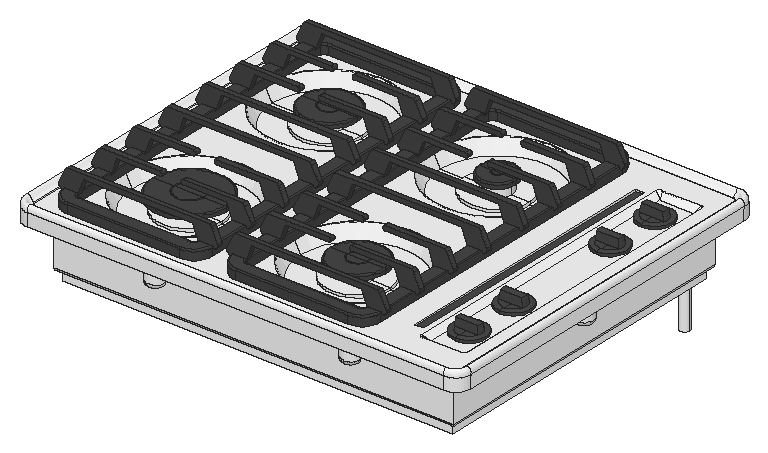
Revit family "QF_Summit_WTL033S_Cooktop", category Specialty Equipment, Revit 2020 (continued)
Automatic sketch dimensions
  curve 75 to curve 94 = 0"  (x2)
  curve 75 to curve 117 = 0"  (x2)
  curve 75 to curve 118 = 0"  (x2)
  curve 75 to curve 119 = 0"  (x2)
  curve 75 to curve 120 = 0"  (x2)
  curve 75 to curve 121 = 0"  (x2)
  curve 75 to curve 122 = 0"  (x2)
  curve 75 to curve 123 = 0"  (x2)
  curve 75 to curve 124 = 0"  (x2)
  curve 75 to curve 125 = 0"  (x2)
  curve 75 to curve 126 = 0"  (x2)
  curve 75 to curve 127 = 0"  (x2)
  curve 75 to curve 128 = 0"  (x2)
  curve 75 to curve 129 = 0"  (x2)
  curve 75 to curve 130 = 0"  (x2)
  curve 75 to curve 131 = 0"  (x2)
  curve 75 to curve 132 = 0"  (x2)
  curve 75 to curve 133 = 0"  (x2)
  curve 75 to curve 134 = 0"  (x2)
  curve 76 to curve 91 = 0"  (x2)
  curve 76 to curve 92 = 0"  (x2)
  curve 76 to curve 93 = 0"  (x2)
  curve 76 to curve 94 = 0"  (x2)
  curve 76 to curve 117 = 0"  (x2)
  curve 76 to curve 118 = 0"  (x2)
  curve 76 to curve 119 = 0"  (x2)
  curve 76 to curve 120 = 0"  (x2)
  curve 76 to curve 121 = 0"  (x2)
  curve 76 to curve 122 = 0"  (x2)
  curve 76 to curve 123 = 0"  (x2)
  curve 76 to curve 124 = 0"  (x2)
  curve 76 to curve 125 = 0"  (x2)
  curve 76 to curve 126 = 0"  (x2)
  curve 76 to curve 127 = 0"  (x2)
  curve 76 to curve 128 = 0"  (x2)
  curve 76 to curve 129 = 0"  (x2)
  curve 76 to curve 130 = 0"  (x2)
  curve 76 to curve 131 = 0"  (x2)
  curve 76 to curve 132 = 0"  (x2)
  curve 76 to curve 133 = 0"  (x2)
  curve 76 to curve 134 = 0"  (x2)
  curve 77 to curve 78 = 0"  (x2)
  curve 77 to curve 79 = 0"  (x2)
  curve 77 to curve 80 = 0"  (x2)
  curve 77 to curve 81 = 0"  (x2)
  curve 77 to curve 82 = 0"  (x2)
  curve 77 to curve 95 = 0"  (x2)
  curve 77 to curve 96 = 0"  (x2)
  curve 77 to curve 97 = 0"  (x2)
  curve 77 to curve 98 = 0"  (x2)
  curve 77 to curve 114 = 0"  (x2)
  curve 77 to curve 115 = 0"  (x2)
  curve 77 to curve 116 = 0"  (x2)
  curve 77 to curve 135 = 0"  (x2)
  curve 77 to curve 136 = 0"  (x2)
  curve 77 to curve 137 = 0"  (x2)
  curve 77 to curve 138 = 0"  (x2)
  curve 77 to curve 139 = 0"  (x2)
  curve 77 to curve 140 = 0"  (x2)
  curve 77 to curve 141 = 0"  (x2)
  curve 77 to curve 142 = 0"  (x2)
  curve 77 to curve 143 = 0"  (x2)
  curve 78 to curve 79 = 0"  (x2)
  curve 78 to curve 80 = 0"  (x2)
  curve 78 to curve 81 = 0"  (x2)
  curve 78 to curve 82 = 0"  (x2)
  curve 78 to curve 95 = 0"  (x2)
  curve 78 to curve 96 = 0"  (x2)
  curve 78 to curve 97 = 0"  (x2)
  curve 78 to curve 98 = 0"  (x2)
  curve 78 to curve 114 = 0"  (x2)
  curve 78 to curve 115 = 0"  (x2)
  curve 78 to curve 116 = 0"  (x2)
  curve 78 to curve 135 = 0"  (x2)
  curve 78 to curve 136 = 0"  (x2)
  curve 78 to curve 137 = 0"  (x2)
  curve 78 to curve 138 = 0"  (x2)
  curve 78 to curve 139 = 0"  (x2)
  curve 78 to curve 140 = 0"  (x2)
  curve 78 to curve 141 = 0"  (x2)
  curve 78 to curve 142 = 0"  (x2)
  curve 78 to curve 143 = 0"  (x2)
  curve 79 to curve 80 = 0"  (x2)
  curve 79 to curve 81 = 0"  (x2)
  curve 79 to curve 82 = 0"  (x2)
  curve 79 to curve 95 = 0"  (x2)
  curve 79 to curve 96 = 0"  (x2)
  curve 79 to curve 97 = 0"  (x2)
  curve 79 to curve 98 = 0"  (x2)
  curve 79 to curve 114 = 0"  (x2)
  curve 79 to curve 115 = 0"  (x2)
  curve 79 to curve 116 = 0"  (x2)
  curve 79 to curve 135 = 0"  (x2)
  curve 79 to curve 136 = 0"  (x2)
  curve 79 to curve 137 = 0"  (x2)
  curve 79 to curve 138 = 0"  (x2)
  curve 79 to curve 139 = 0"  (x2)
  curve 79 to curve 140 = 0"  (x2)
  curve 79 to curve 141 = 0"  (x2)
  curve 79 to curve 142 = 0"  (x2)
  curve 79 to curve 143 = 0"  (x2)
  curve 80 to curve 81 = 0"  (x2)
  curve 80 to curve 82 = 0"  (x2)
  curve 80 to curve 95 = 0"  (x2)
  curve 80 to curve 96 = 0"  (x2)
  curve 80 to curve 97 = 0"  (x2)
  curve 80 to curve 98 = 0"  (x2)
  curve 80 to curve 114 = 0"  (x2)
  curve 80 to curve 115 = 0"  (x2)
  curve 80 to curve 116 = 0"  (x2)
  curve 80 to curve 135 = 0"  (x2)
  curve 80 to curve 136 = 0"  (x2)
  curve 80 to curve 137 = 0"  (x2)
  curve 80 to curve 138 = 0"  (x2)
  curve 80 to curve 139 = 0"  (x2)
  curve 80 to curve 140 = 0"  (x2)
  curve 80 to curve 141 = 0"  (x2)
  curve 80 to curve 142 = 0"  (x2)
  curve 80 to curve 143 = 0"  (x2)
  curve 81 to curve 82 = 0"  (x2)
  curve 81 to curve 95 = 0"  (x2)
  curve 81 to curve 96 = 0"  (x2)
  curve 81 to curve 97 = 0"  (x2)
  curve 81 to curve 98 = 0"  (x2)
  curve 81 to curve 114 = 0"  (x2)
  curve 81 to curve 115 = 0"  (x2)
  curve 81 to curve 116 = 0"  (x2)
  curve 81 to curve 135 = 0"  (x2)
  curve 81 to curve 136 = 0"  (x2)
  curve 81 to curve 137 = 0"  (x2)
  curve 81 to curve 138 = 0"  (x2)
  curve 81 to curve 139 = 0"  (x2)
  curve 81 to curve 140 = 0"  (x2)
  curve 81 to curve 141 = 0"  (x2)
  curve 81 to curve 142 = 0"  (x2)
  curve 81 to curve 143 = 0"  (x2)
  curve 82 to curve 95 = 0"  (x2)
  curve 82 to curve 96 = 0"  (x2)
  curve 82 to curve 97 = 0"  (x2)
  curve 82 to curve 98 = 0"  (x2)
  curve 82 to curve 114 = 0"  (x2)
  curve 82 to curve 115 = 0"  (x2)
  curve 82 to curve 116 = 0"  (x2)
  curve 82 to curve 135 = 0"  (x2)
  curve 82 to curve 136 = 0"  (x2)
  curve 82 to curve 137 = 0"  (x2)
  curve 82 to curve 138 = 0"  (x2)
  curve 82 to curve 139 = 0"  (x2)
  curve 82 to curve 140 = 0"  (x2)
  curve 82 to curve 141 = 0"  (x2)
  curve 82 to curve 142 = 0"  (x2)
  curve 82 to curve 143 = 0"  (x2)
  curve 83 to curve 84 = 0"  (x2)
  curve 83 to curve 85 = 0"  (x2)
  curve 83 to curve 86 = 0"  (x2)
  curve 83 to curve 102 = 0"  (x2)
  curve 83 to curve 103 = 0"  (x2)
  curve 83 to curve 104 = 0"  (x2)
  curve 83 to curve 105 = 0"  (x2)
  curve 83 to curve 106 = 0"  (x2)
  curve 83 to curve 107 = 0"  (x2)
  curve 83 to curve 108 = 0"  (x2)
  curve 83 to curve 109 = 0"  (x2)
  curve 83 to curve 152 = 0"  (x2)
  curve 83 to curve 153 = 0"  (x2)
  curve 83 to curve 154 = 0"  (x2)
  curve 83 to curve 155 = 0"  (x2)
  curve 83 to curve 156 = 0"  (x2)
  curve 83 to curve 157 = 0"  (x2)
  curve 83 to curve 158 = 0"  (x2)
  curve 83 to curve 159 = 0"  (x2)
  curve 84 to curve 85 = 0"  (x2)
  curve 84 to curve 86 = 0"  (x2)
  curve 84 to curve 102 = 0"  (x2)
  curve 84 to curve 103 = 0"  (x2)
  curve 84 to curve 104 = 0"  (x2)
  curve 84 to curve 105 = 0"  (x2)
  curve 84 to curve 106 = 0"  (x2)
  curve 84 to curve 107 = 0"  (x2)
  curve 84 to curve 108 = 0"  (x2)
  curve 84 to curve 109 = 0"  (x2)
  curve 84 to curve 152 = 0"  (x2)
  curve 84 to curve 153 = 0"  (x2)
  curve 84 to curve 154 = 0"  (x2)
  curve 84 to curve 155 = 0"  (x2)
  curve 84 to curve 156 = 0"  (x2)
  curve 84 to curve 157 = 0"  (x2)
  curve 84 to curve 158 = 0"  (x2)
  curve 84 to curve 159 = 0"  (x2)
  curve 85 to curve 86 = 0"  (x2)
  curve 85 to curve 102 = 0"  (x2)
  curve 85 to curve 103 = 0"  (x2)
  curve 85 to curve 104 = 0"  (x2)
  curve 85 to curve 105 = 0"  (x2)
  curve 85 to curve 106 = 0"  (x2)
  curve 85 to curve 107 = 0"  (x2)
  curve 85 to curve 108 = 0"  (x2)
  curve 85 to curve 109 = 0"  (x2)
  curve 85 to curve 152 = 0"  (x2)
  curve 85 to curve 153 = 0"  (x2)
  curve 85 to curve 154 = 0"  (x2)
  curve 85 to curve 155 = 0"  (x2)
  curve 85 to curve 156 = 0"  (x2)
  curve 85 to curve 157 = 0"  (x2)
  curve 85 to curve 158 = 0"  (x2)
  curve 85 to curve 159 = 0"  (x2)
  curve 86 to curve 102 = 0"  (x2)
  curve 86 to curve 103 = 0"  (x2)
  curve 86 to curve 104 = 0"  (x2)
  curve 86 to curve 105 = 0"  (x2)
  curve 86 to curve 106 = 0"  (x2)
  curve 86 to curve 107 = 0"  (x2)
  curve 86 to curve 108 = 0"  (x2)
  curve 86 to curve 109 = 0"  (x2)
  curve 86 to curve 152 = 0"  (x2)
  curve 86 to curve 153 = 0"  (x2)
  curve 86 to curve 154 = 0"  (x2)
  curve 86 to curve 155 = 0"  (x2)
  curve 86 to curve 156 = 0"  (x2)
  curve 86 to curve 157 = 0"  (x2)
  curve 86 to curve 158 = 0"  (x2)
  curve 86 to curve 159 = 0"  (x2)
  curve 87 to curve 88 = 0"  (x2)
  curve 87 to curve 89 = 0"  (x2)
  curve 87 to curve 90 = 0"  (x2)
  curve 87 to curve 99 = 0"  (x2)
  curve 87 to curve 100 = 0"  (x2)
  curve 87 to curve 101 = 0"  (x2)
  curve 87 to curve 110 = 0"  (x2)
  curve 87 to curve 111 = 0"  (x2)
  curve 87 to curve 112 = 0"  (x2)
  curve 87 to curve 113 = 0"  (x2)
  curve 87 to curve 144 = 0"  (x2)
  curve 87 to curve 145 = 0"  (x2)
  curve 87 to curve 146 = 0"  (x2)
  curve 87 to curve 147 = 0"  (x2)
  curve 87 to curve 148 = 0"  (x2)
  curve 87 to curve 149 = 0"  (x2)
  curve 87 to curve 150 = 0"  (x2)
  curve 87 to curve 151 = 0"  (x2)
  curve 87 to curve 160 = 0"  (x2)
  curve 87 to curve 161 = 0"  (x2)
  curve 87 to curve 162 = 0"  (x2)
  curve 87 to curve 163 = 0"  (x2)
  curve 87 to curve 164 = 0"  (x2)
  curve 87 to curve 165 = 0"  (x2)
  curve 88 to curve 89 = 0"  (x2)
  curve 88 to curve 90 = 0"  (x2)
  curve 88 to curve 99 = 0"  (x2)
  curve 88 to curve 100 = 0"  (x2)
  curve 88 to curve 101 = 0"  (x2)
  curve 88 to curve 110 = 0"  (x2)
  curve 88 to curve 111 = 0"  (x2)
  curve 88 to curve 112 = 0"  (x2)
  curve 88 to curve 113 = 0"  (x2)
  curve 88 to curve 144 = 0"  (x2)
  curve 88 to curve 145 = 0"  (x2)
  curve 88 to curve 146 = 0"  (x2)
  curve 88 to curve 147 = 0"  (x2)
  curve 88 to curve 148 = 0"  (x2)
  curve 88 to curve 149 = 0"  (x2)
  curve 88 to curve 150 = 0"  (x2)
  curve 88 to curve 151 = 0"  (x2)
  curve 88 to curve 160 = 0"  (x2)
  curve 88 to curve 161 = 0"  (x2)
  curve 88 to curve 162 = 0"  (x2)
  curve 88 to curve 163 = 0"  (x2)
  curve 88 to curve 164 = 0"  (x2)
  curve 88 to curve 165 = 0"  (x2)
  curve 89 to curve 90 = 0"  (x2)
  curve 89 to curve 99 = 0"  (x2)
  curve 89 to curve 100 = 0"  (x2)
  curve 89 to curve 101 = 0"  (x2)
  curve 89 to curve 110 = 0"  (x2)
  curve 89 to curve 111 = 0"  (x2)
  curve 89 to curve 112 = 0"  (x2)
  curve 89 to curve 113 = 0"  (x2)
  curve 89 to curve 144 = 0"  (x2)
  curve 89 to curve 145 = 0"  (x2)
  curve 89 to curve 146 = 0"  (x2)
  curve 89 to curve 147 = 0"  (x2)
  curve 89 to curve 148 = 0"  (x2)
  curve 89 to curve 149 = 0"  (x2)
  curve 89 to curve 150 = 0"  (x2)
  curve 89 to curve 151 = 0"  (x2)
  curve 89 to curve 160 = 0"  (x2)
  curve 89 to curve 161 = 0"  (x2)
  curve 89 to curve 162 = 0"  (x2)
  curve 89 to curve 163 = 0"  (x2)
  curve 89 to curve 164 = 0"  (x2)
  curve 89 to curve 165 = 0"  (x2)
  curve 90 to curve 99 = 0"  (x2)
  curve 90 to curve 100 = 0"  (x2)
  curve 90 to curve 101 = 0"  (x2)
  curve 90 to curve 110 = 0"  (x2)
  curve 90 to curve 111 = 0"  (x2)
  curve 90 to curve 112 = 0"  (x2)
  curve 90 to curve 113 = 0"  (x2)
  curve 90 to curve 144 = 0"  (x2)
  curve 90 to curve 145 = 0"  (x2)
  curve 90 to curve 146 = 0"  (x2)
  curve 90 to curve 147 = 0"  (x2)
  curve 90 to curve 148 = 0"  (x2)
  curve 90 to curve 149 = 0"  (x2)
  curve 90 to curve 150 = 0"  (x2)
  curve 90 to curve 151 = 0"  (x2)
  curve 90 to curve 160 = 0"  (x2)
  curve 90 to curve 161 = 0"  (x2)
  curve 90 to curve 162 = 0"  (x2)
  curve 90 to curve 163 = 0"  (x2)
  curve 90 to curve 164 = 0"  (x2)
  curve 90 to curve 165 = 0"  (x2)
  curve 91 to curve 92 = 0"  (x2)
  curve 91 to curve 93 = 0"  (x2)
  curve 91 to curve 94 = 0"  (x2)
  curve 91 to curve 117 = 0"  (x2)
  curve 91 to curve 118 = 0"  (x2)
  curve 91 to curve 119 = 0"  (x2)
  curve 91 to curve 120 = 0"  (x2)
  curve 91 to curve 121 = 0"  (x2)
  curve 91 to curve 122 = 0"  (x2)
  curve 91 to curve 123 = 0"  (x2)
  curve 91 to curve 124 = 0"  (x2)
  curve 91 to curve 125 = 0"  (x2)
  curve 91 to curve 126 = 0"  (x2)
  curve 91 to curve 127 = 0"  (x2)
  curve 91 to curve 128 = 0"  (x2)
  curve 91 to curve 129 = 0"  (x2)
  curve 91 to curve 130 = 0"  (x2)
  curve 91 to curve 131 = 0"  (x2)
  curve 91 to curve 132 = 0"  (x2)
  curve 91 to curve 133 = 0"  (x2)
  curve 91 to curve 134 = 0"  (x2)
  curve 92 to curve 93 = 0"  (x2)
  curve 92 to curve 94 = 0"  (x2)
  curve 92 to curve 117 = 0"  (x2)
  curve 92 to curve 118 = 0"  (x2)
  curve 92 to curve 119 = 0"  (x2)
  curve 92 to curve 120 = 0"  (x2)
  curve 92 to curve 121 = 0"  (x2)
  curve 92 to curve 122 = 0"  (x2)
  curve 92 to curve 123 = 0"  (x2)
  curve 92 to curve 124 = 0"  (x2)
  curve 92 to curve 125 = 0"  (x2)
  curve 92 to curve 126 = 0"  (x2)
  curve 92 to curve 127 = 0"  (x2)
  curve 92 to curve 128 = 0"  (x2)
  curve 92 to curve 129 = 0"  (x2)
  curve 92 to curve 130 = 0"  (x2)
  curve 92 to curve 131 = 0"  (x2)
  curve 92 to curve 132 = 0"  (x2)
  curve 92 to curve 133 = 0"  (x2)
  curve 92 to curve 134 = 0"  (x2)
  curve 93 to curve 94 = 0"  (x2)
  curve 93 to curve 117 = 0"  (x2)
  curve 93 to curve 118 = 0"  (x2)
  curve 93 to curve 119 = 0"  (x2)
  curve 93 to curve 120 = 0"  (x2)
  curve 93 to curve 121 = 0"  (x2)
  curve 93 to curve 122 = 0"  (x2)
  curve 93 to curve 123 = 0"  (x2)
  curve 93 to curve 124 = 0"  (x2)
  curve 93 to curve 125 = 0"  (x2)
  curve 93 to curve 126 = 0"  (x2)
  curve 93 to curve 127 = 0"  (x2)
  curve 93 to curve 128 = 0"  (x2)
  curve 93 to curve 129 = 0"  (x2)
  curve 93 to curve 130 = 0"  (x2)
  curve 93 to curve 131 = 0"  (x2)
  curve 93 to curve 132 = 0"  (x2)
  curve 93 to curve 133 = 0"  (x2)
  curve 93 to curve 134 = 0"  (x2)
  curve 94 to curve 117 = 0"  (x2)
  curve 94 to curve 118 = 0"  (x2)
  curve 94 to curve 119 = 0"  (x2)
  curve 94 to curve 120 = 0"  (x2)
  curve 94 to curve 121 = 0"  (x2)
  curve 94 to curve 122 = 0"  (x2)
  curve 94 to curve 123 = 0"  (x2)
  curve 94 to curve 124 = 0"  (x2)
  curve 94 to curve 125 = 0"  (x2)
  curve 94 to curve 126 = 0"  (x2)
  curve 94 to curve 127 = 0"  (x2)
  curve 94 to curve 128 = 0"  (x2)
  curve 94 to curve 129 = 0"  (x2)
  curve 94 to curve 130 = 0"  (x2)
  curve 94 to curve 131 = 0"  (x2)
  curve 94 to curve 132 = 0"  (x2)
  curve 94 to curve 133 = 0"  (x2)
  curve 94 to curve 134 = 0"  (x2)
  curve 95 to curve 96 = 0"  (x2)
  curve 95 to curve 97 = 0"  (x2)
  curve 95 to curve 98 = 0"  (x2)
  curve 95 to curve 114 = 0"  (x2)
  curve 95 to curve 115 = 0"  (x2)
  curve 95 to curve 116 = 0"  (x2)
  curve 95 to curve 135 = 0"  (x2)
  curve 95 to curve 136 = 0"  (x2)
  curve 95 to curve 137 = 0"  (x2)
  curve 95 to curve 138 = 0"  (x2)
  curve 95 to curve 139 = 0"  (x2)
  curve 95 to curve 140 = 0"  (x2)
  curve 95 to curve 141 = 0"  (x2)
  curve 95 to curve 142 = 0"  (x2)
  curve 95 to curve 143 = 0"  (x2)
  curve 96 to curve 97 = 0"  (x2)
  curve 96 to curve 98 = 0"  (x2)
  curve 96 to curve 114 = 0"  (x2)
  curve 96 to curve 115 = 0"  (x2)
  curve 96 to curve 116 = 0"  (x2)
  curve 96 to curve 135 = 0"  (x2)
  curve 96 to curve 136 = 0"  (x2)
  curve 96 to curve 137 = 0"  (x2)
  curve 96 to curve 138 = 0"  (x2)
  curve 96 to curve 139 = 0"  (x2)
  curve 96 to curve 140 = 0"  (x2)
  curve 96 to curve 141 = 0"  (x2)
  curve 96 to curve 142 = 0"  (x2)
  curve 96 to curve 143 = 0"  (x2)
  curve 97 to curve 98 = 0"  (x2)
  curve 97 to curve 114 = 0"  (x2)
  curve 97 to curve 115 = 0"  (x2)
  curve 97 to curve 116 = 0"  (x2)
  curve 97 to curve 135 = 0"  (x2)
  curve 97 to curve 136 = 0"  (x2)
  curve 97 to curve 137 = 0"  (x2)
  curve 97 to curve 138 = 0"  (x2)
  curve 97 to curve 139 = 0"  (x2)
  curve 97 to curve 140 = 0"  (x2)
  curve 97 to curve 141 = 0"  (x2)
  curve 97 to curve 142 = 0"  (x2)
  curve 97 to curve 143 = 0"  (x2)
  curve 98 to curve 114 = 0"  (x2)
  curve 98 to curve 115 = 0"  (x2)
  curve 98 to curve 116 = 0"  (x2)
  curve 98 to curve 135 = 0"  (x2)
  curve 98 to curve 136 = 0"  (x2)
  curve 98 to curve 137 = 0"  (x2)
  curve 98 to curve 138 = 0"  (x2)
  curve 98 to curve 139 = 0"  (x2)
  curve 98 to curve 140 = 0"  (x2)
  curve 98 to curve 141 = 0"  (x2)
  curve 98 to curve 142 = 0"  (x2)
  curve 98 to curve 143 = 0"  (x2)
  curve 99 to curve 100 = 0"  (x2)
  curve 99 to curve 101 = 0"  (x2)
  curve 99 to curve 110 = 0"  (x2)
  curve 99 to curve 111 = 0"  (x2)
  curve 99 to curve 112 = 0"  (x2)
  curve 99 to curve 113 = 0"  (x2)
  curve 99 to curve 144 = 0"  (x2)
  curve 99 to curve 145 = 0"  (x2)
  curve 99 to curve 146 = 0"  (x2)
  curve 99 to curve 147 = 0"  (x2)
  curve 99 to curve 148 = 0"  (x2)
  curve 99 to curve 149 = 0"  (x2)
  curve 99 to curve 150 = 0"  (x2)
  curve 99 to curve 151 = 0"  (x2)
  curve 99 to curve 160 = 0"  (x2)
  curve 99 to curve 161 = 0"  (x2)
  curve 99 to curve 162 = 0"  (x2)
  curve 99 to curve 163 = 0"  (x2)
  curve 99 to curve 164 = 0"  (x2)
  curve 99 to curve 165 = 0"  (x2)
  curve 100 to curve 101 = 0"  (x2)
  curve 100 to curve 110 = 0"  (x2)
  curve 100 to curve 111 = 0"  (x2)
  curve 100 to curve 112 = 0"  (x2)
  curve 100 to curve 113 = 0"  (x2)
  curve 100 to curve 144 = 0"  (x2)
  curve 100 to curve 145 = 0"  (x2)
  curve 100 to curve 146 = 0"  (x2)
  curve 100 to curve 147 = 0"  (x2)
  curve 100 to curve 148 = 0"  (x2)
  curve 100 to curve 149 = 0"  (x2)
  curve 100 to curve 150 = 0"  (x2)
  curve 100 to curve 151 = 0"  (x2)
  curve 100 to curve 160 = 0"  (x2)
  curve 100 to curve 161 = 0"  (x2)
  curve 100 to curve 162 = 0"  (x2)
  curve 100 to curve 163 = 0"  (x2)
  curve 100 to curve 164 = 0"  (x2)
  curve 100 to curve 165 = 0"  (x2)
  curve 101 to curve 110 = 0"  (x2)
  curve 101 to curve 111 = 0"  (x2)
  curve 101 to curve 112 = 0"  (x2)
  curve 101 to curve 113 = 0"  (x2)
  curve 101 to curve 144 = 0"  (x2)
  curve 101 to curve 145 = 0"  (x2)
  curve 101 to curve 146 = 0"  (x2)
  curve 101 to curve 147 = 0"  (x2)
  curve 101 to curve 148 = 0"  (x2)
  curve 101 to curve 149 = 0"  (x2)
  curve 101 to curve 150 = 0"  (x2)
  curve 101 to curve 151 = 0"  (x2)
  curve 101 to curve 160 = 0"  (x2)
  curve 101 to curve 161 = 0"  (x2)
  curve 101 to curve 162 = 0"  (x2)
  curve 101 to curve 163 = 0"  (x2)
  curve 101 to curve 164 = 0"  (x2)
  curve 101 to curve 165 = 0"  (x2)
  curve 102 to curve 103 = 0"  (x2)
  curve 102 to curve 104 = 0"  (x2)
  curve 102 to curve 105 = 0"  (x2)
  curve 102 to curve 106 = 0"  (x2)
  curve 102 to curve 107 = 0"  (x2)
  curve 102 to curve 108 = 0"  (x2)
  curve 102 to curve 109 = 0"  (x2)
  curve 102 to curve 152 = 0"  (x2)
  curve 102 to curve 153 = 0"  (x2)
  curve 102 to curve 154 = 0"  (x2)
  curve 102 to curve 155 = 0"  (x2)
  curve 102 to curve 156 = 0"  (x2)
  curve 102 to curve 157 = 0"  (x2)
  curve 102 to curve 158 = 0"  (x2)
  curve 102 to curve 159 = 0"  (x2)
  curve 103 to curve 104 = 0"  (x2)
  curve 103 to curve 105 = 0"  (x2)
  curve 103 to curve 106 = 0"  (x2)
  curve 103 to curve 107 = 0"  (x2)
  curve 103 to curve 108 = 0"  (x2)
  curve 103 to curve 109 = 0"  (x2)
  curve 103 to curve 152 = 0"  (x2)
  curve 103 to curve 153 = 0"  (x2)
  curve 103 to curve 154 = 0"  (x2)
  curve 103 to curve 155 = 0"  (x2)
  curve 103 to curve 156 = 0"  (x2)
  curve 103 to curve 157 = 0"  (x2)
  curve 103 to curve 158 = 0"  (x2)
  curve 103 to curve 159 = 0"  (x2)
  curve 104 to curve 105 = 0"  (x2)
  curve 104 to curve 106 = 0"  (x2)
  curve 104 to curve 107 = 0"  (x2)
  curve 104 to curve 108 = 0"  (x2)
  curve 104 to curve 109 = 0"  (x2)
  curve 104 to curve 152 = 0"  (x2)
  curve 104 to curve 153 = 0"  (x2)
  curve 104 to curve 154 = 0"  (x2)
  curve 104 to curve 155 = 0"  (x2)
  curve 104 to curve 156 = 0"  (x2)
  curve 104 to curve 157 = 0"  (x2)
  curve 104 to curve 158 = 0"  (x2)
  curve 104 to curve 159 = 0"  (x2)
  curve 105 to curve 106 = 0"  (x2)
  curve 105 to curve 107 = 0"  (x2)
  curve 105 to curve 108 = 0"  (x2)
  curve 105 to curve 109 = 0"  (x2)
  curve 105 to curve 152 = 0"  (x2)
  curve 105 to curve 153 = 0"  (x2)
  curve 105 to curve 154 = 0"  (x2)
  curve 105 to curve 155 = 0"  (x2)
  curve 105 to curve 156 = 0"  (x2)
  curve 105 to curve 157 = 0"  (x2)
  curve 105 to curve 158 = 0"  (x2)
  curve 105 to curve 159 = 0"  (x2)
  curve 106 to curve 107 = 0"  (x2)
  curve 106 to curve 108 = 0"  (x2)
  curve 106 to curve 109 = 0"  (x2)
  curve 106 to curve 152 = 0"  (x2)
  curve 106 to curve 153 = 0"  (x2)
  curve 106 to curve 154 = 0"  (x2)
  curve 106 to curve 155 = 0"  (x2)
  curve 106 to curve 156 = 0"  (x2)
  curve 106 to curve 157 = 0"  (x2)
  curve 106 to curve 158 = 0"  (x2)
  curve 106 to curve 159 = 0"  (x2)
  curve 107 to curve 108 = 0"  (x2)
  curve 107 to curve 109 = 0"  (x2)
  curve 107 to curve 152 = 0"  (x2)
  curve 107 to curve 153 = 0"  (x2)
  curve 107 to curve 154 = 0"  (x2)
  curve 107 to curve 155 = 0"  (x2)
  curve 107 to curve 156 = 0"  (x2)
  curve 107 to curve 157 = 0"  (x2)
  curve 107 to curve 158 = 0"  (x2)
  curve 107 to curve 159 = 0"  (x2)
  curve 108 to curve 109 = 0"  (x2)
  curve 108 to curve 152 = 0"  (x2)
  curve 108 to curve 153 = 0"  (x2)
  curve 108 to curve 154 = 0"  (x2)
  curve 108 to curve 155 = 0"  (x2)
  curve 108 to curve 156 = 0"  (x2)
  curve 108 to curve 157 = 0"  (x2)
  curve 108 to curve 158 = 0"  (x2)
  curve 108 to curve 159 = 0"  (x2)
  curve 109 to curve 152 = 0"  (x2)
  curve 109 to curve 153 = 0"  (x2)
  curve 109 to curve 154 = 0"  (x2)
  curve 109 to curve 155 = 0"  (x2)
  curve 109 to curve 156 = 0"  (x2)
  curve 109 to curve 157 = 0"  (x2)
  curve 109 to curve 158 = 0"  (x2)
  curve 109 to curve 159 = 0"  (x2)
  curve 110 to curve 111 = 0"  (x2)
  curve 110 to curve 112 = 0"  (x2)
  curve 110 to curve 113 = 0"  (x2)
  curve 110 to curve 144 = 0"  (x2)
  curve 110 to curve 145 = 0"  (x2)
  curve 110 to curve 146 = 0"  (x2)
  curve 110 to curve 147 = 0"  (x2)
  curve 110 to curve 148 = 0"  (x2)
  curve 110 to curve 149 = 0"  (x2)
  curve 110 to curve 150 = 0"  (x2)
  curve 110 to curve 151 = 0"  (x2)
  curve 110 to curve 160 = 0"  (x2)
  curve 110 to curve 161 = 0"  (x2)
  curve 110 to curve 162 = 0"  (x2)
  curve 110 to curve 163 = 0"  (x2)
  curve 110 to curve 164 = 0"  (x2)
  curve 110 to curve 165 = 0"  (x2)
  curve 111 to curve 112 = 0"  (x2)
  curve 111 to curve 113 = 0"  (x2)
  curve 111 to curve 144 = 0"  (x2)
  curve 111 to curve 145 = 0"  (x2)
  curve 111 to curve 146 = 0"  (x2)
  curve 111 to curve 147 = 0"  (x2)
  curve 111 to curve 148 = 0"  (x2)
  curve 111 to curve 149 = 0"  (x2)
  curve 111 to curve 150 = 0"  (x2)
  curve 111 to curve 151 = 0"  (x2)
  curve 111 to curve 160 = 0"  (x2)
  curve 111 to curve 161 = 0"  (x2)
  curve 111 to curve 162 = 0"  (x2)
  curve 111 to curve 163 = 0"  (x2)
  curve 111 to curve 164 = 0"  (x2)
  curve 111 to curve 165 = 0"  (x2)
  curve 112 to curve 113 = 0"  (x2)
  curve 112 to curve 144 = 0"  (x2)
  curve 112 to curve 145 = 0"  (x2)
  curve 112 to curve 146 = 0"  (x2)
  curve 112 to curve 147 = 0"  (x2)
  curve 112 to curve 148 = 0"  (x2)
  curve 112 to curve 149 = 0"  (x2)
  curve 112 to curve 150 = 0"  (x2)
  curve 112 to curve 151 = 0"  (x2)
  curve 112 to curve 160 = 0"  (x2)
  curve 112 to curve 161 = 0"  (x2)
  curve 112 to curve 162 = 0"  (x2)
  curve 112 to curve 163 = 0"  (x2)
  curve 112 to curve 164 = 0"  (x2)
  curve 112 to curve 165 = 0"  (x2)
  curve 113 to curve 144 = 0"  (x2)
  curve 113 to curve 145 = 0"  (x2)
  curve 113 to curve 146 = 0"  (x2)
  curve 113 to curve 147 = 0"  (x2)
  curve 113 to curve 148 = 0"  (x2)
  curve 113 to curve 149 = 0"  (x2)
  curve 113 to curve 150 = 0"  (x2)
  curve 113 to curve 151 = 0"  (x2)
  curve 113 to curve 160 = 0"  (x2)
  curve 113 to curve 161 = 0"  (x2)
  curve 113 to curve 162 = 0"  (x2)
  curve 113 to curve 163 = 0"  (x2)
  curve 113 to curve 164 = 0"  (x2)
  curve 113 to curve 165 = 0"  (x2)
  curve 114 to curve 115 = 0"  (x2)
  curve 114 to curve 116 = 0"  (x2)
  curve 114 to curve 135 = 0"  (x2)
  curve 114 to curve 136 = 0"  (x2)
  curve 114 to curve 137 = 0"  (x2)
  curve 114 to curve 138 = 0"  (x2)
  curve 114 to curve 139 = 0"  (x2)
  curve 114 to curve 140 = 0"  (x2)
  curve 114 to curve 141 = 0"  (x2)
  curve 114 to curve 142 = 0"  (x2)
  curve 114 to curve 143 = 0"  (x2)
  curve 115 to curve 116 = 0"  (x2)
  curve 115 to curve 135 = 0"  (x2)
  curve 115 to curve 136 = 0"  (x2)
  curve 115 to curve 137 = 0"  (x2)
  curve 115 to curve 138 = 0"  (x2)
  curve 115 to curve 139 = 0"  (x2)
  curve 115 to curve 140 = 0"  (x2)
  curve 115 to curve 141 = 0"  (x2)
  curve 115 to curve 142 = 0"  (x2)
  curve 115 to curve 143 = 0"  (x2)
  curve 116 to curve 135 = 0"  (x2)
  curve 116 to curve 136 = 0"  (x2)
  curve 116 to curve 137 = 0"  (x2)
  curve 116 to curve 138 = 0"  (x2)
  curve 116 to curve 139 = 0"  (x2)
  curve 116 to curve 140 = 0"  (x2)
  curve 116 to curve 141 = 0"  (x2)
  curve 116 to curve 142 = 0"  (x2)
  curve 116 to curve 143 = 0"  (x2)
  curve 117 to curve 118 = 0"  (x2)
  curve 117 to curve 119 = 0"  (x2)
  curve 117 to curve 120 = 0"  (x2)
  curve 117 to curve 121 = 0"  (x2)
  curve 117 to curve 122 = 0"  (x2)
  curve 117 to curve 123 = 0"  (x2)
  curve 117 to curve 124 = 0"  (x2)
  curve 117 to curve 125 = 0"  (x2)
  curve 117 to curve 126 = 0"  (x2)
  curve 117 to curve 127 = 0"  (x2)
  curve 117 to curve 128 = 0"  (x2)
  curve 117 to curve 129 = 0"  (x2)
  curve 117 to curve 130 = 0"  (x2)
  curve 117 to curve 131 = 0"  (x2)
  curve 117 to curve 132 = 0"  (x2)
  curve 117 to curve 133 = 0"  (x2)
  curve 117 to curve 134 = 0"  (x2)
  curve 118 to curve 119 = 0"  (x2)
  curve 118 to curve 120 = 0"  (x2)
  curve 118 to curve 121 = 0"  (x2)
  curve 118 to curve 122 = 0"  (x2)
  curve 118 to curve 123 = 0"  (x2)
  curve 118 to curve 124 = 0"  (x2)
  curve 118 to curve 125 = 0"  (x2)
  curve 118 to curve 126 = 0"  (x2)
  curve 118 to curve 127 = 0"  (x2)
  curve 118 to curve 128 = 0"  (x2)
  curve 118 to curve 129 = 0"  (x2)
  curve 118 to curve 130 = 0"  (x2)
  curve 118 to curve 131 = 0"  (x2)
  curve 118 to curve 132 = 0"  (x2)
  curve 118 to curve 133 = 0"  (x2)
  curve 118 to curve 134 = 0"  (x2)
  curve 119 to curve 120 = 0"  (x2)
  curve 119 to curve 121 = 0"  (x2)
  curve 119 to curve 122 = 0"  (x2)
  curve 119 to curve 123 = 0"  (x2)
  curve 119 to curve 124 = 0"  (x2)
  curve 119 to curve 125 = 0"  (x2)
  curve 119 to curve 126 = 0"  (x2)
  curve 119 to curve 127 = 0"  (x2)
  curve 119 to curve 128 = 0"  (x2)
  curve 119 to curve 129 = 0"  (x2)
  curve 119 to curve 130 = 0"  (x2)
  curve 119 to curve 131 = 0"  (x2)
  curve 119 to curve 132 = 0"  (x2)
  curve 119 to curve 133 = 0"  (x2)
  curve 119 to curve 134 = 0"  (x2)
  curve 120 to curve 121 = 0"  (x2)
  curve 120 to curve 122 = 0"  (x2)
  curve 120 to curve 123 = 0"  (x2)
  curve 120 to curve 124 = 0"  (x2)
  curve 120 to curve 125 = 0"  (x2)
  curve 120 to curve 126 = 0"  (x2)
  curve 120 to curve 127 = 0"  (x2)
  curve 120 to curve 128 = 0"  (x2)
  curve 120 to curve 129 = 0"  (x2)
  curve 120 to curve 130 = 0"  (x2)
  curve 120 to curve 131 = 0"  (x2)
  curve 120 to curve 132 = 0"  (x2)
  curve 120 to curve 133 = 0"  (x2)
  curve 120 to curve 134 = 0"  (x2)
  curve 121 to curve 122 = 0"  (x2)
  curve 121 to curve 123 = 0"  (x2)
  curve 121 to curve 124 = 0"  (x2)
  curve 121 to curve 125 = 0"  (x2)
  curve 121 to curve 126 = 0"  (x2)
  curve 121 to curve 127 = 0"  (x2)
  curve 121 to curve 128 = 0"  (x2)
  curve 121 to curve 129 = 0"  (x2)
  curve 121 to curve 130 = 0"  (x2)
  curve 121 to curve 131 = 0"  (x2)
  curve 121 to curve 132 = 0"  (x2)
  curve 121 to curve 133 = 0"  (x2)
  curve 121 to curve 134 = 0"  (x2)
  curve 122 to curve 123 = 0"  (x2)
  curve 122 to curve 124 = 0"  (x2)
  curve 122 to curve 125 = 0"  (x2)
  curve 122 to curve 126 = 0"  (x2)
  curve 122 to curve 127 = 0"  (x2)
  curve 122 to curve 128 = 0"  (x2)
  curve 122 to curve 129 = 0"  (x2)
  curve 122 to curve 130 = 0"  (x2)
  curve 122 to curve 131 = 0"  (x2)
  curve 122 to curve 132 = 0"  (x2)
  curve 122 to curve 133 = 0"  (x2)
  curve 122 to curve 134 = 0"  (x2)
  curve 123 to curve 124 = 0"  (x2)
  curve 123 to curve 125 = 0"  (x2)
  curve 123 to curve 126 = 0"  (x2)
  curve 123 to curve 127 = 0"  (x2)
  curve 123 to curve 128 = 0"  (x2)
  curve 123 to curve 129 = 0"  (x2)
  curve 123 to curve 130 = 0"  (x2)
  curve 123 to curve 131 = 0"  (x2)
  curve 123 to curve 132 = 0"  (x2)
  curve 123 to curve 133 = 0"  (x2)
  curve 123 to curve 134 = 0"  (x2)
  curve 124 to curve 125 = 0"  (x2)
  curve 124 to curve 126 = 0"  (x2)
  curve 124 to curve 127 = 0"  (x2)
  curve 124 to curve 128 = 0"  (x2)
  curve 124 to curve 129 = 0"  (x2)
  curve 124 to curve 130 = 0"  (x2)
  curve 124 to curve 131 = 0"  (x2)
  curve 124 to curve 132 = 0"  (x2)
  curve 124 to curve 133 = 0"  (x2)
  curve 124 to curve 134 = 0"  (x2)
  curve 125 to curve 126 = 0"  (x2)
  curve 125 to curve 127 = 0"  (x2)
  curve 125 to curve 128 = 0"  (x2)
  curve 125 to curve 129 = 0"  (x2)
  curve 125 to curve 130 = 0"  (x2)
  curve 125 to curve 131 = 0"  (x2)
  curve 125 to curve 132 = 0"  (x2)
  curve 125 to curve 133 = 0"  (x2)
  curve 125 to curve 134 = 0"  (x2)
  curve 126 to curve 127 = 0"  (x2)
  curve 126 to curve 128 = 0"  (x2)
  curve 126 to curve 129 = 0"  (x2)
  curve 126 to curve 130 = 0"  (x2)
  curve 126 to curve 131 = 0"  (x2)
  curve 126 to curve 132 = 0"  (x2)
  curve 126 to curve 133 = 0"  (x2)
  curve 126 to curve 134 = 0"  (x2)
  curve 127 to curve 128 = 0"  (x2)
  curve 127 to curve 129 = 0"  (x2)
  curve 127 to curve 130 = 0"  (x2)
  curve 127 to curve 131 = 0"  (x2)
  curve 127 to curve 132 = 0"  (x2)
  curve 127 to curve 133 = 0"  (x2)
  curve 127 to curve 134 = 0"  (x2)
  curve 128 to curve 129 = 0"  (x2)
  curve 128 to curve 130 = 0"  (x2)
  curve 128 to curve 131 = 0"  (x2)
  curve 128 to curve 132 = 0"  (x2)
  curve 128 to curve 133 = 0"  (x2)
  curve 128 to curve 134 = 0"  (x2)
  curve 129 to curve 130 = 0"  (x2)
  curve 129 to curve 131 = 0"  (x2)
  curve 129 to curve 132 = 0"  (x2)
  curve 129 to curve 133 = 0"  (x2)
  curve 129 to curve 134 = 0"  (x2)
  curve 130 to curve 131 = 0"  (x2)
  curve 130 to curve 132 = 0"  (x2)
  curve 130 to curve 133 = 0"  (x2)
  curve 130 to curve 134 = 0"  (x2)
  curve 131 to curve 132 = 0"  (x2)
  curve 131 to curve 133 = 0"  (x2)
  curve 131 to curve 134 = 0"  (x2)
  curve 132 to curve 133 = 0"  (x2)
  curve 132 to curve 134 = 0"  (x2)
  curve 133 to curve 134 = 0"  (x2)
  curve 135 to curve 136 = 0"  (x2)
  curve 135 to curve 137 = 0"  (x2)
  curve 135 to curve 138 = 0"  (x2)
  curve 135 to curve 139 = 0"  (x2)
  curve 135 to curve 140 = 0"  (x2)
  curve 135 to curve 141 = 0"  (x2)
  curve 135 to curve 142 = 0"  (x2)
  curve 135 to curve 143 = 0"  (x2)
  curve 136 to curve 137 = 0"  (x2)
  curve 136 to curve 138 = 0"  (x2)
  curve 136 to curve 139 = 0"  (x2)
  curve 136 to curve 140 = 0"  (x2)
  curve 136 to curve 141 = 0"  (x2)
  curve 136 to curve 142 = 0"  (x2)
  curve 136 to curve 143 = 0"  (x2)
  curve 137 to curve 138 = 0"  (x2)
  curve 137 to curve 139 = 0"  (x2)
  curve 137 to curve 140 = 0"  (x2)
  curve 137 to curve 141 = 0"  (x2)
  curve 137 to curve 142 = 0"  (x2)
  curve 137 to curve 143 = 0"  (x2)
  curve 138 to curve 139 = 0"  (x2)
  curve 138 to curve 140 = 0"  (x2)
  curve 138 to curve 141 = 0"  (x2)
  curve 138 to curve 142 = 0"  (x2)
  curve 138 to curve 143 = 0"  (x2)
  curve 139 to curve 140 = 0"  (x2)
  curve 139 to curve 141 = 0"  (x2)
  curve 139 to curve 142 = 0"  (x2)
  curve 139 to curve 143 = 0"  (x2)
  curve 140 to curve 141 = 0"  (x2)
  curve 140 to curve 142 = 0"  (x2)
  curve 140 to curve 143 = 0"  (x2)
  curve 141 to curve 142 = 0"  (x2)
  curve 141 to curve 143 = 0"  (x2)
  curve 142 to curve 143 = 0"  (x2)
  curve 144 to curve 145 = 0"  (x2)
  curve 144 to curve 146 = 0"  (x2)
  curve 144 to curve 147 = 0"  (x2)
  curve 144 to curve 148 = 0"  (x2)
  curve 144 to curve 149 = 0"  (x2)
  curve 144 to curve 150 = 0"  (x2)
  curve 144 to curve 151 = 0"  (x2)
  curve 144 to curve 160 = 0"  (x2)
  curve 144 to curve 161 = 0"  (x2)
  curve 144 to curve 162 = 0"  (x2)
  curve 144 to curve 163 = 0"  (x2)
  curve 144 to curve 164 = 0"  (x2)
  curve 144 to curve 165 = 0"  (x2)
  curve 145 to curve 146 = 0"  (x2)
  curve 145 to curve 147 = 0"  (x2)
  curve 145 to curve 148 = 0"  (x2)
  curve 145 to curve 149 = 0"  (x2)
  curve 145 to curve 150 = 0"  (x2)
  curve 145 to curve 151 = 0"  (x2)
  curve 145 to curve 160 = 0"  (x2)
  curve 145 to curve 161 = 0"  (x2)
  curve 145 to curve 162 = 0"  (x2)
  curve 145 to curve 163 = 0"  (x2)
  curve 145 to curve 164 = 0"  (x2)
  curve 145 to curve 165 = 0"  (x2)
  curve 146 to curve 147 = 0"  (x2)
  curve 146 to curve 148 = 0"  (x2)
  curve 146 to curve 149 = 0"  (x2)
  curve 146 to curve 150 = 0"  (x2)
  curve 146 to curve 151 = 0"  (x2)
  curve 146 to curve 160 = 0"  (x2)
  curve 146 to curve 161 = 0"  (x2)
  curve 146 to curve 162 = 0"  (x2)
  curve 146 to curve 163 = 0"  (x2)
  curve 146 to curve 164 = 0"  (x2)
  curve 146 to curve 165 = 0"  (x2)
  curve 147 to curve 148 = 0"  (x2)
  curve 147 to curve 149 = 0"  (x2)
  curve 147 to curve 150 = 0"  (x2)
  curve 147 to curve 151 = 0"  (x2)
  curve 147 to curve 160 = 0"  (x2)
  curve 147 to curve 161 = 0"  (x2)
  curve 147 to curve 162 = 0"  (x2)
  curve 147 to curve 163 = 0"  (x2)
  curve 147 to curve 164 = 0"  (x2)
  curve 147 to curve 165 = 0"  (x2)
  curve 148 to curve 149 = 0"  (x2)
  curve 148 to curve 150 = 0"  (x2)
  curve 148 to curve 151 = 0"  (x2)
  curve 148 to curve 160 = 0"  (x2)
  curve 148 to curve 161 = 0"  (x2)
  curve 148 to curve 162 = 0"  (x2)
  curve 148 to curve 163 = 0"  (x2)
  curve 148 to curve 164 = 0"  (x2)
  curve 148 to curve 165 = 0"  (x2)
  curve 149 to curve 150 = 0"  (x2)
  curve 149 to curve 151 = 0"  (x2)
  curve 149 to curve 160 = 0"  (x2)
  curve 149 to curve 161 = 0"  (x2)
  curve 149 to curve 162 = 0"  (x2)
  curve 149 to curve 163 = 0"  (x2)
  curve 149 to curve 164 = 0"  (x2)
  curve 149 to curve 165 = 0"  (x2)
  curve 150 to curve 151 = 0"  (x2)
  curve 150 to curve 160 = 0"  (x2)
  curve 150 to curve 161 = 0"  (x2)
  curve 150 to curve 162 = 0"  (x2)
  curve 150 to curve 163 = 0"  (x2)
  curve 150 to curve 164 = 0"  (x2)
  curve 150 to curve 165 = 0"  (x2)
  curve 151 to curve 160 = 0"  (x2)
  curve 151 to curve 161 = 0"  (x2)
  curve 151 to curve 162 = 0"  (x2)
  curve 151 to curve 163 = 0"  (x2)
  curve 151 to curve 164 = 0"  (x2)
  curve 151 to curve 165 = 0"  (x2)
  curve 152 to curve 153 = 0"  (x2)
  curve 152 to curve 154 = 0"  (x2)
  curve 152 to curve 155 = 0"  (x2)
  curve 152 to curve 156 = 0"  (x2)
  curve 152 to curve 157 = 0"  (x2)
  curve 152 to curve 158 = 0"  (x2)
  curve 152 to curve 159 = 0"  (x2)
  curve 153 to curve 154 = 0"  (x2)
  curve 153 to curve 155 = 0"  (x2)
  curve 153 to curve 156 = 0"  (x2)
  curve 153 to curve 157 = 0"  (x2)
  curve 153 to curve 158 = 0"  (x2)
  curve 153 to curve 159 = 0"  (x2)
  curve 154 to curve 155 = 0"  (x2)
  curve 154 to curve 156 = 0"  (x2)
  curve 154 to curve 157 = 0"  (x2)
  curve 154 to curve 158 = 0"  (x2)
  curve 154 to curve 159 = 0"  (x2)
  curve 155 to curve 156 = 0"  (x2)
  curve 155 to curve 157 = 0"  (x2)
  curve 155 to curve 158 = 0"  (x2)
  curve 155 to curve 159 = 0"  (x2)
  curve 156 to curve 157 = 0"  (x2)
  curve 156 to curve 158 = 0"  (x2)
  curve 156 to curve 159 = 0"  (x2)
  curve 157 to curve 158 = 0"  (x2)
  curve 157 to curve 159 = 0"  (x2)
  curve 158 to curve 159 = 0"  (x2)
  curve 160 to curve 161 = 0"  (x2)
  curve 160 to curve 162 = 0"  (x2)
  curve 160 to curve 163 = 0"  (x2)
  curve 160 to curve 164 = 0"  (x2)
  curve 160 to curve 165 = 0"  (x2)
  curve 161 to curve 162 = 0"  (x2)
  curve 161 to curve 163 = 0"  (x2)
  curve 161 to curve 164 = 0"  (x2)
  curve 161 to curve 165 = 0"  (x2)
  curve 162 to curve 163 = 0"  (x2)
  curve 162 to curve 164 = 0"  (x2)
  curve 162 to curve 165 = 0"  (x2)
  curve 163 to curve 164 = 0"  (x2)
  curve 163 to curve 165 = 0"  (x2)
  curve 164 to curve 165 = 0"  (x2)
  curve 65 to plane 3 "LEFT" = 0.00016"
  plane 3 "LEFT" to curve 37 = 9/16"
  curve 37 to curve 38 = 1/4"
  curve 64 to curve 64 = 1/4"
  plane 3 "LEFT" to curve 154 = 5.27794"
  plane 3 "LEFT" to curve 119 = 5.27794"
  plane 7 "Center Y" to curve 99 = 2.33654"
  plane 7 "Center Y" to curve 98 = 2.33654"
  plane 4 "RIGHT" to curve 54 = 4.43626"
  curve 54 to curve 61 = 1/16"
  curve 54 to curve 56 = 1/16"
  curve 60 to curve 60 = 3/8"
  curve 55 to curve 57 = 3/8"
  curve 59 to curve 58 = 1/16"
  curve 56 to curve 52 = 0.32834"
  curve 51 to curve 51 = 0.17489"
  curve 53 to curve 46 = 0.17489"
  curve 51 to curve 43 = 0.15303"
  plane 4 "RIGHT" to curve 44 = 1.53001"
  curve 42 to curve 47 = 0.15303"  (x2)
  curve 44 to curve 50 = 0.15303"
  curve 47 to curve 48 = 0.17489"
  plane 4 "RIGHT" to curve 40 = 13/16"
  plane 5 "FRONT" to curve 71 = 0.00016"
  plane 4 "RIGHT" to curve 71 = 13/16"
  curve 40 to curve 41 = 1/4"
  curve 50 to plane 5 "FRONT" = 1.94788"
  curve 49 to curve 44 = 0.15303"
  curve 52 to curve 60 = 0.43428"
  curve 158 to plane 8 "Center X" = 4.69623"
  curve 160 to plane 8 "Center X" = 4.69623"
  plane 8 "Center X" to curve 75 = 4.69623"
  plane 8 "Center X" to curve 114 = 4.69623"
  plane 1 "BACK" to curve 55 = 2.63046"
  curve 57 to curve 43 = 11/32"
  plane 1 "BACK" to curve 68 = 13/16"
  plane 3 "LEFT" to curve 122 = 1.98841"
  plane 3 "LEFT" to curve 157 = 2.00679"
  plane 3 "LEFT" to curve 132 = 2.04204"
  plane 3 "LEFT" to curve 106 = 2.05163"
  curve 122 to curve 133 = 0.18876"
  curve 157 to curve 159 = 0.17038"
  curve 157 to curve 159 = 0.30499"
  curve 122 to curve 117 = 0.33065"
  curve 132 to curve 133 = 0.31951"
  curve 106 to curve 108 = 0.31593"
  curve 159 to curve 154 = 0.10141"
  curve 117 to curve 131 = 0.09535"
  curve 133 to curve 126 = 0.10777"
  curve 108 to curve 158 = 0.10609"
  curve 108 to curve 83 = 1.10076"
  curve 104 to curve 104 = 0.21842"
  curve 117 to curve 130 = 1.35172"
  curve 83 to curve 83 = 0.31358"
  curve 104 to curve 103 = 0.15936"
  curve 120 to curve 74 = 0.24904"
  curve 74 to curve 120 = 0.02582"
  curve 83 to curve 105 = 0.21411"
  curve 122 to curve 118 = 1.45366"
  curve 157 to curve 153 = 1.43583"
  curve 94 to curve 130 = 0.12319"
  curve 120 to curve 127 = 0.19386"
  curve 127 to curve 74 = 0.11209"
  curve 130 to curve 129 = 0.26849"
  curve 129 to curve 132 = 0.04729"
  curve 129 to curve 94 = 0.07783"
  curve 74 to curve 93 = 0.23853"
  curve 85 to curve 83 = 3/4"
  curve 118 to curve 118 = 0.6766"
  curve 129 to curve 92 = 0.43727"
  curve 153 to curve 153 = 0.5869"
  curve 76 to curve 73 = 1/2"
  curve 107 to curve 107 = 0.62953"
  curve 123 to curve 123 = 0.65253"
  curve 75 to curve 92 = 0.22211"
  curve 76 to curve 93 = 0.42893"
  curve 92 to curve 73 = 0.32977"
  curve 92 to curve 134 = 0.38914"
  curve 73 to curve 129 = 0.08348"
  curve 93 to curve 91 = 0.24142"
  curve 91 to curve 127 = 0.11252"
  curve 73 to curve 121 = 0.33849"
  curve 91 to curve 128 = 0.31103"
  curve 123 to curve 124 = 0.83454"
  curve 128 to curve 91 = 0.01862"
  curve 107 to curve 152 = 0.87986"
  curve 86 to curve 105 = 0.76611"
  curve 86 to curve 103 = 0.86273"
  curve 105 to curve 102 = 0.18941"
  curve 73 to curve 121 = 0.24904"
  curve 103 to curve 84 = 0.14532"
  curve 84 to curve 84 = 0.24195"
  curve 102 to curve 158 = 1.09864"
  curve 121 to curve 126 = 1.41692"
  curve 84 to curve 154 = 1.10223"
  curve 128 to curve 131 = 1.38705"
  curve 158 to curve 155 = 0.09264"
  curve 126 to curve 119 = 0.09066"
  curve 154 to curve 109 = 0.10242"
  curve 131 to curve 125 = 0.09497"
  curve 125 to curve 119 = 0.13736"
  curve 109 to curve 155 = 0.13805"
  curve 155 to curve 156 = 0.32544"
  curve 119 to curve 134 = 0.34103"
  curve 154 to curve 152 = 0.40862"
  curve 131 to curve 124 = 0.42412"
  curve 150 to plane 7 "Center Y" = 0.96129"
  curve 135 to plane 7 "Center Y" = 0.961"
  curve 140 to plane 7 "Center Y" = 0.89759"
  curve 144 to plane 7 "Center Y" = 0.88535"
  curve 148 to plane 7 "Center Y" = 0.76422"
  curve 142 to plane 7 "Center Y" = 0.76422"
  curve 135 to curve 116 = 0.34067"
  curve 150 to curve 148 = 0.34129"
  curve 140 to curve 142 = 0.32309"
  curve 144 to curve 110 = 0.31237"
  curve 148 to curve 147 = 0.09223"
  curve 116 to curve 139 = 0.0986"
  curve 142 to curve 141 = 0.10348"
  curve 110 to curve 149 = 0.12616"
  plane 7 "Center Y" to curve 164 = 0.5875"
  plane 7 "Center Y" to curve 98 = 0.5875"
  curve 164 to curve 101 = 0.24904"
  plane 7 "Center Y" to curve 164 = 0.84859"
  plane 7 "Center Y" to curve 77 = 0.8562"
  plane 7 "Center Y" to curve 135 = 0.8899"
  plane 7 "Center Y" to curve 150 = 0.90292"
  plane 7 "Center Y" to curve 113 = 0.95235"
  plane 7 "Center Y" to curve 98 = 0.96297"
  curve 164 to curve 165 = 0.19581"
  curve 77 to curve 95 = 0.19616"
  curve 165 to curve 101 = 0.12621"
  curve 113 to curve 161 = 0.25363"
  curve 98 to curve 97 = 0.26065"
  plane 7 "Center Y" to curve 144 = 1.23102"
  curve 161 to curve 88 = 0.07249"
  plane 7 "Center Y" to curve 140 = 1.31357"
  curve 77 to curve 80 = 0.74904"
  curve 101 to curve 100 = 0.2468"
  curve 161 to curve 162 = 0.42767"
  curve 150 to curve 160 = 0.73593"
  curve 114 to curve 114 = 0.60654"
  curve 89 to curve 87 = 1/2"
  curve 82 to curve 77 = 1/4"
  curve 136 to curve 136 = 0.64941"
  curve 160 to curve 160 = 1.39538"
  curve 89 to curve 162 = 0.21129"
  curve 90 to curve 100 = 0.43178"
  curve 162 to curve 99 = 0.33661"
  curve 140 to curve 143 = 2.11853"
  curve 79 to curve 97 = 0.14835"
  curve 99 to curve 161 = 0.10382"
  curve 161 to curve 145 = 0.03094"
  curve 100 to curve 87 = 0.25229"
  curve 87 to curve 165 = 0.10807"
  curve 80 to curve 95 = 0.29505"
  curve 161 to curve 163 = 0.22514"
  curve 97 to curve 78 = 0.24571"
  curve 160 to curve 151 = 0.76927"
  curve 136 to curve 137 = 0.81975"
  curve 87 to curve 112 = 0.29408"
  curve 95 to curve 96 = 0.18874"
  curve 112 to curve 87 = 0.02185"
  curve 80 to curve 78 = 0.74904"
  curve 87 to curve 163 = 0.24904"
  curve 163 to curve 149 = 1.42364"
  curve 78 to curve 141 = 1.41399"
  curve 96 to curve 139 = 1.37384"
  curve 112 to curve 147 = 1.3827"
  curve 149 to curve 146 = 0.10635"
  curve 141 to curve 115 = 0.10054"
  curve 139 to curve 138 = 0.10259"
  curve 147 to curve 111 = 0.09971"
  curve 138 to curve 115 = 0.14054"
  curve 111 to curve 146 = 0.1402"
  curve 146 to curve 145 = 0.31936"
  curve 141 to curve 143 = 0.41949"
  curve 147 to curve 151 = 0.40165"
  curve 138 to curve 137 = 0.32826"
  curve 107 to plane 5 "FRONT" = 1.80474"
  curve 160 to plane 5 "FRONT" = 1 7/8"
  curve 160 to curve 150 = 0.23691"
  curve 153 to curve 157 = 0.25859"
  curve 160 to curve 151 = 0.2521"
  curve 107 to curve 152 = 0.2852"
  curve 154 to curve 109 = 0.28235"
  curve 147 to curve 111 = 0.27408"
  curve 100 to curve 101 = 0.24169"
  curve 103 to curve 84 = 0.22929"
  curve 165 to curve 87 = 0.25791"
  curve 102 to curve 105 = 0.25978"
  curve 99 to curve 161 = 0.24304"
  curve 99 to curve 162 = 0.24737"
  curve 108 to curve 158 = 0.25335"
  curve 146 to curve 149 = 0.25181"
  curve 158 to curve 106 = 0.03121"
  curve 146 to curve 145 = 0.27526"
  curve 110 to curve 144 = 0.29271"
  plane 8 "Center X" to curve 140 = 1.35007"
  plane 8 "Center X" to curve 132 = 1.36194"
  plane 8 "Center X" to curve 143 = 1.37313"
  plane 8 "Center X" to curve 134 = 1.37834"
  curve 129 to curve 94 = 0.26306"
  curve 97 to curve 98 = 0.26648"
  curve 129 to curve 92 = 0.01153"
  curve 126 to curve 119 = 0.21375"
  curve 141 to curve 142 = 0.24822"
  curve 116 to curve 135 = 0.23664"
  curve 96 to curve 95 = 0.24956"
  curve 74 to curve 93 = 0.23627"
  curve 125 to curve 131 = 0.26496"
  curve 131 to curve 124 = 0.00658"
  curve 91 to curve 127 = 0.25063"
  curve 117 to curve 122 = 0.26535"
  curve 138 to curve 137 = 0.27256"
  curve 116 to curve 139 = 0.26847"
  curve 122 to curve 118 = 0.25021"
  curve 137 to curve 136 = 0.26258"
  radius of Extrusion 2 sketch curve = 3.49904"  (x4)
  radius of Extrusion 17 sketch curve = 1/4"
Nested families (in)
  nested 1: "Summit_Burner_Cast" at (1.52794, -1.55377, 0.43845), type "Summit_Burner_Cast"
  nested 2: "Summit_Burner_Cast" at (10.58654, -1.55377, 0.43845), type "Summit_Burner_Cast"
  nested 3: "Summit_Burner_Cast" at (1.52794, -10.94623, 0.43845), type "Summit_Burner_Cast"
  nested 4: "Summit_Burner_Cast" at (10.58654, -10.94623, 0.43845), type "Summit_Burner_Cast"
  nested 5: "Summit_Cast" at (1.27794, -0.875, 3.75), type "Summit_Cast"
  nested 6: "Summit_Cast" at (10.33654, -0.875, 3.75), type "Summit_Cast"
Connectors (in)
  piping at (21.68847, -1.91925, -2.5), diameter 0.5
    settings: on Extrusion 17, index 1, connector inside diameter 24", connector length 0", flow factor 0, pipe flow 0 GPM, pressure drop 0.00 psi, fitting loss kfactor 0, connector angle 0.00°, fixture units 0, engagement length 0", angle of deflection 0.00°, flow configuration 1, flow direction 1, fitting loss method 0, system type 7, joint type 0, gender type 0, connector reference index -1, connector utility 0, adjustable connector no, is connector primary yes, connector description "Gas Connection"
  electrical at (20.93847, -1.91925, 0.4375), driven by "Volts"
    settings: on Extrusion 20, index 2, voltage 115 V, apparent load 0 VA, apparent load phase1 0 VA, apparent load phase2 0 VA, apparent load phase3 0 VA, power factor 1, load classification "Other", number of poles 1, system type 30, power factor state 1, is connector primary yes, connector utility no, sub classification motor no, connector description "Electrical Connection"
Definition of nested family "Summit_Burner_Cast"
  Parameters (values of type "Summit_Burner_Cast")
    Model = ""
    Manufacturer = "Summit"
    Length = 7 1/2"
    Height = 3 3/4"
    Description = "Cooktop"
    Depth = 7 1/2"
    Default Elevation = 0"
  Reference planes (in)
    plane 1 "BACK": y = 0
    plane 2: z = 0
    plane 3 "LEFT": x = 0
    plane 4 "RIGHT": x = 7.5
    plane 5 "FRONT": y = -7.5
    plane 6 "TOP": z = 3.75
    plane 7 "Center Y": x = 3.75
    plane 8 "Center X": y = -3.75
  Forms (in)
    Revolve 1, solid
      sketch origin (-1.00614, -3.75, 0) x (1, 0, 0) y (0, 0, 1)
        loop
          line (4.75614, 3.26095) -> (4.00614, 3.26095) -> (4.00614, 2.6875) -> (3.00711, 2.6875) -> (3.00711, 2.5625) -> (1.65539, 2.5625) -> (1.25711, 3.31155) -> (1.25711, 2.5) -> (4.75614, 2.5) -> (4.75614, 3.26095)
        axis (4.75614, 2.5) -> (4.75614, 3.31155)
      angle from 0 to 360
  Dimensions and locks (in)
    equal spacing: plane 3 "LEFT", plane 7 "Center Y", plane 4 "RIGHT"
    "Length": plane 3 "LEFT" to plane 4 "RIGHT"
    equal spacing: plane 5 "FRONT", plane 8 "Center X", plane 1 "BACK"
    "Depth": plane 5 "FRONT" to plane 1 "BACK"
    "Height": plane 6 "TOP" to level
    aligned and locked: level to plane 2
  Automatic sketch dimensions
    plane 3 "LEFT" to Revolve 1 sketch curve = 0.25096"
    Revolve 1 sketch curve to plane 7 "Center Y" = 0"  (x2)
    plane 3 "LEFT" to Revolve 1 sketch curve = 0.64924"
    Revolve 1 sketch curve to plane 7 "Center Y" = 3/4"
    Revolve 1 sketch curve to plane 6 "TOP" = 1 1/4"
    Revolve 1 sketch curve to Revolve 1 sketch curve = 1/16"
    Revolve 1 sketch curve to Revolve 1 sketch curve = 3/16"
    Revolve 1 sketch curve to plane 6 "TOP" = 0.48905"
    Revolve 1 sketch curve to plane 6 "TOP" = 0.43845"
    Revolve 1 sketch curve to Revolve 1 sketch curve = 0"
    plane 6 "TOP" to Revolve 1 sketch curve = 1 1/4"
    Revolve 1 sketch curve to Revolve 1 sketch curve = 0.99904"
Definition of nested family "Summit_Cast"
  Parameters (values of type "Summit_Cast")
    Model = ""
    Manufacturer = "Summit"
    Length = 8"
    Height = 1 1/2"
    Description = "Cooktop"
    Depth = 18 1/4"
    Default Elevation = 0"
  Reference planes (in)
    plane 1 "BACK": y = 0
    plane 2: z = 0
    plane 3 "LEFT": x = 0
    plane 4 "RIGHT": x = 8
    plane 5 "FRONT": y = -18.25
    plane 6 "TOP": z = 1.5
    plane 7 "Center Y": x = 4
    plane 8 "Center X": y = -9.125
  Forms (in)
    Sweep 1, solid
      path origin (0, 0, 1.5) x (-1, 0, 0) y (0, -1, 0)
        loop
          arc (0, 17.25) -> (-0.29289, 17.95711) -> (-1, 18.25) r 1
          line (-1, 18.25) -> (-7, 18.25)
          arc (-7, 18.25) -> (-7.70711, 17.95711) -> (-8, 17.25) r 1
          line (-8, 17.25) -> (-8, 1)
          arc (-8, 1) -> (-7.70711, 0.29289) -> (-7, 0) r 1
          line (-7, 0) -> (-1, 0)
          arc (-1, 0) -> (-0.29289, 0.29289) -> (0, 1) r 1
          line (0, 1) -> (0, 17.25)
      profile origin (0, -9.125, 1.5) x (-1, 0, 0) y (0, 0, 1)
        loop
          line (-0.0625, -1) -> (-0.6875, -1)
          arc (-0.6875, -1) -> (-0.73169, -1.01831) -> (-0.75, -1.0625) r 0.0625
          line (-0.75, -1.0625) -> (-0.75, -1.5) -> (0, -1.5) -> (0, -1.0625)
          arc (0, -1.0625) -> (-0.01831, -1.01831) -> (-0.0625, -1) r 0.0625
    Extrusion 2, solid
      sketch origin (0, 0, 0) x (1, 0, 0) y (0, 0, 1)
        loop
          line (0.74803, 0.3877) -> (1.06188, 1.25) -> (6.93812, 1.25) -> (7.25197, 0.3877) -> (8.14564, 0.3877) -> (8.25406, 0.49612)
          arc (8.25406, 0.49612) -> (8.2924, 0.56977) -> (8.28157, 0.65209) r 0.13806
          line (8.28157, 0.65209) -> (7.93816, 1.38852) -> (7.82668, 1.5) -> (0.17332, 1.5) -> (0.06184, 1.38852) -> (-0.28157, 0.65209)
          arc (-0.28157, 0.65209) -> (-0.2924, 0.56977) -> (-0.25406, 0.49612) r 0.13806
          line (-0.25406, 0.49612) -> (-0.14564, 0.3877) -> (0.74803, 0.3877)
      from 1 to 1.25
    Extrusion 3, solid
      sketch origin (0, -2.25, 0) x (1, 0, 0) y (0, 0, 1)
        loop
          line (0.74803, 0.3877) -> (1.06188, 1.25) -> (3.36913, 1.25)
          arc (3.36913, 1.25) -> (3.49413, 1.375) -> (3.36913, 1.5) r 0.125
          line (3.36913, 1.5) -> (0.17332, 1.5) -> (0.06184, 1.38852) -> (-0.28157, 0.65209)
          arc (-0.28157, 0.65209) -> (-0.2924, 0.56977) -> (-0.25406, 0.49612) r 0.13806
          line (-0.25406, 0.49612) -> (-0.14564, 0.3877) -> (0.74803, 0.3877)
        loop
          line (7.25197, 0.3877) -> (8.14564, 0.3877) -> (8.25406, 0.49612)
          arc (8.25406, 0.49612) -> (8.2924, 0.56977) -> (8.28157, 0.65209) r 0.13806
          line (8.28157, 0.65209) -> (7.93816, 1.38852) -> (7.82668, 1.5) -> (4.62959, 1.5)
          arc (4.62959, 1.5) -> (4.50459, 1.375) -> (4.62959, 1.25) r 0.125
          line (4.62959, 1.25) -> (6.93812, 1.25) -> (7.25197, 0.3877)
      from 1 to 1.25
